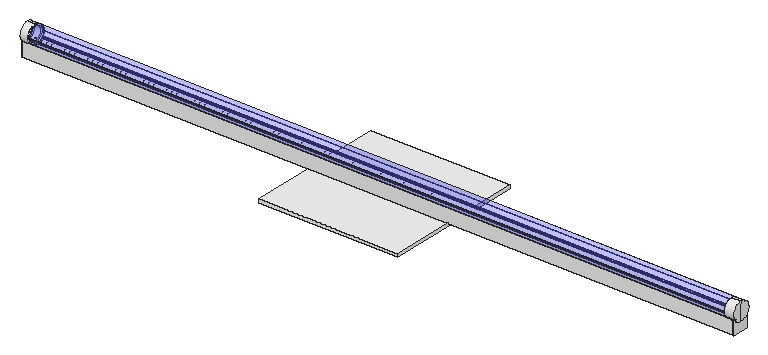
Revit family "BE_50144.1_de_DE", category Leuchten, Revit 2020
Family settings
  Basisbauteil = Fläche
  Bemaßung runder Anschluss = Durchmesser verwenden
  Teiletyp = Normal
  Beim Laden mit Abzugskörper schneiden = Ja
  Lichtquelle = Ja
  Gemeinsam genutzt = Nein
  Raumberechnungspunkt = Ja
Parameters (values of type "BEGA_50144.1_K4")
  built-in parameter 1150104 = 16.36 (stored number, unit not read)
  Wattage = 70.4 W
  Default Elevation = 0 mm
  built-in parameter 1150113 = 1 (stored number, unit not read)
  built-in parameter 1114218 = 1 (stored number, unit not read)
  Umgebungstemperatur = "25 °C"
  URL = "https://www.bega.com/de/produkt/50144.1"
  Typenkommentare = "© 2022 BEGA. Wir behalten uns das Recht vor, technische Änderungen ohne vorherige Ankündigung vorzunehmen."  # constant formula
  built-in parameter 1150134 = 12
  built-in parameter 1150109 = 1 (stored number, unit not read)
  Strom = ""
  built-in parameter 1150110 = 1 (stored number, unit not read)
  Spannung = 239.996 V
  Sonderanfertigung = no
  Seriennummer [instance] = "Hier können Sie die eindeutige Seriennummer für das Facility Management eintragen."
  Schutzklasse = "I"
  Schutzart = "IP 20"
  Scheinlast = 0 VA
  Produktdatenblatt = "https://cdn.bega.com/bega/products/50144.1K3/current/documents/data-sheets/de"
  Oberflächentemperatur = ""
  Neigungswinkel = 0.00°
  Modell = "50144.1K4"
  Material_17 = BEGA_Reflektor
  Material_15 = BEGA_Leuchtmedium_matt
  Material_14 = BEGA_Kunststoff_opal
  Material_11 = BEGA_Glas_opal
  Material_09 = BEGA_Glas_klar
  Material_06 = BEGA_Oberfläche_Edelstahl_gebürstet
  Material_05 = BEGA_Oberfläche_Aluminium Guss
  Material_03 = BEGA_Oberfläche_Weiss_matt
  Material_02 = BEGA_Oberfläche_Silber_matt
  Material_01 [instance] = BEGA_Oberfläche_Grafit_matt
  M_W = no
  M_G = no
  M_A = no
  Logo = 0
  built-in parameter 1114217 = 1 (stored number, unit not read)
  built-in parameter 1150139 = (empty or 0)
  built-in parameter 1150105 = 986.56 (stored number, unit not read)
  built-in parameter 1150114 = 1 (stored number, unit not read)
  Lumens = 12397.4 lm
  built-in parameter 1150115 = 1 (stored number, unit not read)
  Leuchtenlichtstrom = "9276 lm"
  Leuchtenanzahl = ""
  Lebensdauerkriterien = "L70B50 @ 25 °C = 159000 h"
  Lastklassifizierung = Beleuchtung
  built-in parameter 1150112 = 1 (stored number, unit not read)
  Lampenlichtstrom = "11320 lm"
  Lampe = "LED 70.4 W"
  LED_Modulbezeichnung = "8x LED-0694/940"
  Hersteller = "BEGA"  # constant formula
  Halbstreuwinkel = ""
  Gewicht = "4.9 kg"
  Gebrauchslageneinschränkung [instance] = ""
  Frequenz = "0/50-60 Hz"
  Farbwiedergabeindex = "CRI > 90"
  Farbtemperaturverschiebung bei Dämpfen der Lampe = <Keine Auswahl>
  Farbtemperatur = "4000 K"
  Color Filter = 16777215
  built-in parameter 1150133 = 10 (stored number, unit not read)
  Energieeffizienzklasse = "LED A++ - A"
  built-in parameter 1150137 = (empty or 0)
  built-in parameter 1150132 = (empty or 0)
  ENEC = "ja"
  Dimmbar [instance] = "DALI"
  Datei für fotometrisches Netz = "BE_50144.1K4.IES"
  CE_Konformität = "ja"
  Bestellnummer = "50144.1K4"
  Beschreibung_Sonderanfertigung = "Hier können Sie Informationen zur Sonderanfertigung eintragen."
  Beschreibung = "Decken- und Wandleuchte"
  built-in parameter 1150106 = 9.8656 (stored number, unit not read)
  Befestigungsbohrung = "Ø 6,5 mm"
  Befestigungsabstand = ""
  Ballwurfsicher = ""
  BEGA_Intern_aus = yes
  BEGA_Intern_an = yes
  BEGA_Intern_Konstruktion = yes
  BEGA_Intern = yes
  BEGA_IES = yes
  BEGA_Dummy = no
  Anschlussleitung = ""
  Anschlussleistung [instance] = "80 W"
  Anschlusskasten = ""
  built-in parameter 1150107 = 4000 (stored number, unit not read)
  built-in parameter 1150102 = (empty or 0)
  built-in parameter 1150138 = (empty or 0)
  Aktualisierung = "2022-05-18T04:00:07"
  Abstand_zur_angestrahlten_Fläche [instance] = ""
  AC/DC = "AC/DC"
Types (2, lengths in mm): name | built-in parameter 1150104 | built-in parameter 1150134 | Modell | built-in parameter 1150105 | Lumens | Leuchtenlichtstrom | Lampenlichtstrom | LED_Modulbezeichnung | Farbtemperatur | Datei für fotometrisches Netz | Bestellnummer | built-in parameter 1150106 | built-in parameter 1150107
  BEGA_50144.1_K4 | 16.36 (stored number, unit not read) | 12 | "50144.1K4" | 986.56 (stored number, unit not read) | 12397.4 lm | "9276 lm" | "11320 lm" | "8x LED-0694/940" | "4000 K" | "BE_50144.1K4.IES" | "50144.1K4" | 9.8656 (stored number, unit not read) | 4000 (stored number, unit not read)
  BEGA_50144.1_K3 | 15.571 (stored number, unit not read) | (empty or 0) | "50144.1K3" | 938.94 (stored number, unit not read) | 11799 lm | "8981 lm" | "10960 lm" | "8x LED-0694/930" | "3000 K" | "BE_50144.1K3.IES" | "50144.1K3" | 9.3894 (stored number, unit not read) | 3000 (stored number, unit not read)
Reference planes
  plane 1 "Mitte (Vorne/Hinten)": y = 0
  plane 2: z = 0
  plane 3 "Mitte (Links/Rechts)": x = 0
  plane 4 "Links": x = -1025
  plane 5 "Rechts": x = 1025
  plane 6 "Unten": y = -25.454
  plane 7 "Oben": y = 25.454
  plane 8 "Vorne": z = 79.5
  plane 9 "Hinten": z = 0
Forms (mm)
  Extrusion 1, solid, material "BEGA_Platte_Weiss"
    sketch origin (0, -1119.2, 0) x (1, 0, 0) y (0, 1, 0)
      loop
        line (-200, 1319.2) -> (-200, 919.2) -> (200, 919.2) -> (200, 1319.2) -> (-200, 1319.2)
    from 0 to -10
  Extrusion 2, solid, material "BEGA_Dummy_matt", visible <- "BEGA_Dummy"
    sketch origin (80.095, -76.023, 0) x (1, 0, 0) y (0, 1, 0)
      loop
        line (-1105.095, 101.477) -> (-1105.095, 50.569) -> (944.905, 50.569) -> (944.905, 101.477) -> (-1105.095, 101.477)
    from 0 to 79.5
Dimensions and locks
  plane 1 "Mitte (Vorne/Hinten)" to Extrusion 1 = 200 mm
  aligned and locked: plane 2 to Extrusion 1
  aligned and locked: level to Extrusion 1
Nested families
  nested 1: "BE_50144.1" at (0, 0, 0), type "BE_50144.1"
Connectors
  electrical at (0, 0, 0), driven by "Lastklassifizierung", driven by "Spannung", driven by "Scheinlast"
    settings: index 1, voltage 239.996 V, apparent load 0 VA, apparent load phase1 0 VA, apparent load phase2 0 VA, apparent load phase3 0 VA, power factor 1, load classification "Beleuchtung", number of poles 1, system type 31, power factor state 1, is connector primary yes, connector utility no, sub classification motor no, connector description ""
Definition of nested family "BE_50144.1"
  Parameters (values of type "BE_50144.1")
    Default Elevation = 1 mm
    URL = "http://www.bega.de/de/produkt"
    Type Comments = "© 2015 BEGA. Wir behalten uns das Recht vor, technische Änderungen ohne vorherige Ankündigung vorzunehmen. "  # constant formula
    Type Image = (empty or 0)
    Neigungswinkel_um_Z2 = 0.00°
    Neigungswinkel_um_Z1 = 0.00°
    Neigungswinkel_um_Y2 = 0.00°
    Neigungswinkel_um_Y1 = 0.00°
    Neigungswinkel_um_X2 = 0.00°
    Neigungswinkel_um_X1 = 0.00°
    Material_17 = none
    Material_15 = none
    Material_14 = none
    Material_11 = none
    Material_09 = none
    Material_06 = none
    Material_05 = none
    Material_03 = none
    Material_02 = none
    Material_01 = none
    M_W = yes
    M_G = yes
    M_A = yes
    Länge_Platte = 2200 mm  # constant formula
    Höhe_Platte = -10 mm  # constant formula
    Manufacturer = "BEGA"  # constant formula
    Drehwinkel_um_Z2 = 0.00°
    Drehwinkel_um_Z1 = 0.00°
    Breite_Platte = 200 mm  # constant formula
  Reference planes
    plane 1 "Mitte (Oben/Unten)": y = 0
    plane 2: z = 0
    plane 3 "Mitte (Links/Rechts)": x = 0
    plane 4: y = -25.454
    plane 5: z = 79.5
    plane 6: y = 25.454
    plane 7: x = -1025
    plane 8: x = 1025
  Forms (mm)
    Extrusion 1, solid, detail levels medium
      sketch origin (0, 0, 0) x (1, 0, 0) y (0, 1, 0)
        loop
          line (-1100, 100) -> (-1100, -100) -> (1100, -100) -> (1100, 100) -> (-1100, 100)
      from 0 to -10 <- "Höhe_Platte"
    Extrusion 2, solid, material <- "Material_03", detail levels medium+fine
      sketch origin (0, 0, 0) x (0, 1, 0) y (0, 0, 1)
        loop
          line (-22.75, 0) -> (-16, 0) -> (-16, 2) -> (-20.75, 2) -> (-20.75, 28.454)
          arc (-20.75, 28.454) -> (-20.25, 29.32) -> (-19.25, 29.32) r 1
          line (-19.25, 29.32) -> (-13.5, 26) -> (-7.983, 26) -> (-7.983, 28.588) -> (-20, 35.526) -> (-20.266, 38.57)
          arc (-20.266, 38.57) -> (-20.71, 39.168) -> (-21.136, 39.78) r 25.5
          arc (-21.136, 39.78) -> (-21.502, 39.998) -> (-21.942, 39.865) r 0.5
          line (-21.942, 39.865) -> (-22.75, 38.996) -> (-22.75, 0)
        loop
          line (22.75, 0) -> (22.75, 38.996) -> (21.942, 39.865)
          arc (21.942, 39.865) -> (21.502, 39.998) -> (21.136, 39.78) r 0.5
          arc (21.136, 39.78) -> (20.71, 39.168) -> (20.266, 38.57) r 25.5
          line (20.266, 38.57) -> (20, 35.526) -> (7.983, 28.588) -> (7.983, 26) -> (13.5, 26) -> (19.25, 29.32)
          arc (19.25, 29.32) -> (20.25, 29.32) -> (20.75, 28.454) r 1
          line (20.75, 28.454) -> (20.75, 2) -> (16, 2) -> (16, 0) -> (22.75, 0)
      from -1021.8 to 1020.2
    Extrusion 3, solid, material <- "Material_03", detail levels medium+fine
      sketch origin (0, 0, 0) x (0, 1, 0) y (0, 0, 1)
        loop
          arc (-21.135, 39.779) -> (-21.511, 39.998) -> (-21.916, 39.84) r 0.5
          line (-21.916, 39.84) -> (-22.75, 38.996) -> (-22.75, 0) -> (22.75, 0) -> (22.75, 38.996) -> (21.942, 39.865)
          arc (21.942, 39.865) -> (21.511, 39.998) -> (21.135, 39.779) r 0.5
          arc (21.135, 39.779) -> (0, 28.546) -> (-21.135, 39.779) r 25.5
      from -1023.8 to -1021.8
    Extrusion 4, solid, material <- "Material_03", detail levels medium+fine
      sketch origin (1294, 0, 0) x (0, 1, 0) y (0, 0, 1)
        loop
          arc (-21.135, 39.779) -> (-21.511, 39.998) -> (-21.916, 39.84) r 0.5
          line (-21.916, 39.84) -> (-22.75, 38.996) -> (-22.75, 0) -> (22.75, 0) -> (22.75, 38.996) -> (21.942, 39.865)
          arc (21.942, 39.865) -> (21.511, 39.998) -> (21.135, 39.779) r 0.5
          arc (21.135, 39.779) -> (0, 28.546) -> (-21.135, 39.779) r 25.5
      from -273.8 to -271.8
    Extrusion 5, solid, material <- "Material_05", detail levels medium+fine
      sketch origin (250, 0, 0) x (1, 0, 0) y (0, 1, 0)
        loop
          line (672.7, -17.315) -> (700.2, -17.315) -> (700.2, 17.129) -> (672.7, 17.129) -> (672.7, -17.315)
        loop
          line (-264.8, -17.315) -> (-237.3, -17.315) -> (-237.3, 17.129) -> (-264.8, 17.129) -> (-264.8, -17.315)
        loop
          line (-1202.3, -17.315) -> (-1174.8, -17.315) -> (-1174.8, 17.129) -> (-1202.3, 17.129) -> (-1202.3, -17.315)
      from 2 to 4.6
    Extrusion 6, void
      sketch origin (250, 0, 0) x (1, 0, 0) y (0, 1, 0)
        loop
          arc (-1185.05, 3) -> (-1188.3, 6.25) -> (-1191.55, 3) r 3.25
          line (-1191.55, 3) -> (-1191.55, -3)
          arc (-1191.55, -3) -> (-1188.3, -6.25) -> (-1185.05, -3) r 3.25
          line (-1185.05, -3) -> (-1185.05, 3)
        loop
          arc (689.7, -3.25) -> (692.95, 0) -> (689.7, 3.25) r 3.25
          line (689.7, 3.25) -> (683.7, 3.25)
          arc (683.7, 3.25) -> (680.45, 0) -> (683.7, -3.25) r 3.25
          line (683.7, -3.25) -> (689.7, -3.25)
        loop
          arc (-248.05, -3.25) -> (-244.8, 0) -> (-248.05, 3.25) r 3.25
          line (-248.05, 3.25) -> (-254.05, 3.25)
          arc (-254.05, 3.25) -> (-257.3, 0) -> (-254.05, -3.25) r 3.25
          line (-254.05, -3.25) -> (-248.05, -3.25)
      from 0 to 4.6
    Revolve 7, solid, material <- "Material_03", detail levels medium+fine
      sketch origin (-250, 0, 0) x (1, 0, 0) y (0, 0, 1)
        loop
          line (-775, 79.5) -> (-775, 54) -> (-767.5, 54) -> (-767.5, 59.1) -> (-773, 62.275) -> (-773, 74.541) -> (-753.595, 74.88) -> (-753.595, 78.421) -> (-748, 78.518) -> (-748, 79.5) -> (-775, 79.5)
        axis (-748, 54) -> (-775, 54)
      angle from 0 to 360
    Extrusion 8, solid, material <- "Material_14", detail levels medium+fine
      sketch origin (0, 0, 0) x (0, 1, 0) y (0, 0, 1)
        loop
          circle (0, 54.046) r 25.454
      from -998 to 998
    Revolve 9, void
      sketch origin (-250, 0, 0) x (1, 0, 0) y (0, 0, 1)
        loop
          line (-776.036, 58) -> (-776.036, 54) -> (-769.464, 54) -> (-769.464, 58) -> (-776.036, 58)
        axis (-769.464, 54) -> (-776.036, 54)
      angle from 0 to 360
    Revolve 10, solid, material <- "Material_06", detail levels fine
      sketch origin (-250, 0, 0) x (1, 0, 0) y (0, 0, 1)
        loop
          line (-774.464, 57.5) -> (-774.464, 54) -> (-769.464, 54) -> (-769.464, 57.5) -> (-774.464, 57.5)
        axis (-769.464, 54) -> (-774.464, 54)
      angle from 0 to 360
    Revolve 11, solid, material <- "Material_03", detail levels medium+fine
      sketch origin (250, 0, 0) x (-1, 0, 0) y (0, 0, 1)
        loop
          line (-775, 79.5) -> (-775, 54) -> (-767.5, 54) -> (-767.5, 59.1) -> (-773, 62.275) -> (-773, 74.541) -> (-753.595, 74.88) -> (-753.595, 78.421) -> (-748, 78.518) -> (-748, 79.5) -> (-775, 79.5)
        axis (-748, 54) -> (-775, 54)
      angle from 0 to 360
  Cuts and joins
    joined: Extrusion 3, Extrusion 4
    Extrusion 6 cuts Extrusion 5
    Revolve 9 cuts Revolve 7
    joined: Revolve 7, Revolve 11
  Dimensions and locks
    equal spacing: Extrusion 1 sketch curve, plane 3 "Mitte (Links/Rechts)", Extrusion 1 sketch curve
    equal spacing: Extrusion 1 sketch curve, plane 1 "Mitte (Oben/Unten)", Extrusion 1 sketch curve
    "Länge_Platte": Extrusion 1 sketch curve to Extrusion 1 sketch curve
    "Breite_Platte": Extrusion 1 sketch curve to Extrusion 1 sketch curve
    aligned and locked: Extrusion 1 to plane 2
    aligned and locked: level to Extrusion 1
  Automatic sketch dimensions
    Extrusion 2 sketch curve to level = 0 mm  (x2)
    plane 4 to Extrusion 2 sketch curve = 2.704 mm
    Extrusion 2 sketch curve to Extrusion 2 sketch curve = 1.2 mm  (x2)
    plane 4 to Extrusion 2 sketch curve = 4.704 mm
    Extrusion 2 sketch curve to Extrusion 2 sketch curve = 1.284 mm  (x2)
    Extrusion 2 sketch curve to Extrusion 2 sketch curve = 0.266 mm  (x2)
    Extrusion 2 sketch curve to Extrusion 2 sketch curve = 1 mm
    Extrusion 2 sketch curve to Extrusion 2 sketch curve = 4.75 mm
    Extrusion 2 sketch curve to Extrusion 2 sketch curve = 6.25 mm
    Extrusion 2 sketch curve to Extrusion 2 sketch curve = 5.517 mm  (x2)
    plane 1 "Mitte (Oben/Unten)" to Extrusion 2 sketch curve = 0 mm
    Extrusion 2 sketch curve to plane 1 "Mitte (Oben/Unten)" = 0 mm
    Extrusion 2 sketch curve to plane 1 "Mitte (Oben/Unten)" = 7.983 mm
    level to Extrusion 2 sketch curve = 2 mm  (x2)
    plane 6 to Extrusion 2 sketch curve = 9.454 mm
    plane 6 to Extrusion 2 sketch curve = 5.704 mm
    plane 6 to Extrusion 2 sketch curve = 5.454 mm
    plane 6 to Extrusion 2 sketch curve = 4.704 mm
    Extrusion 2 sketch curve to Extrusion 2 sketch curve = 24 mm
    Extrusion 2 sketch curve to Extrusion 2 sketch curve = 0 mm  (x8)
    Extrusion 2 sketch curve to Extrusion 2 sketch curve = 2.454 mm  (x2)
    Extrusion 2 sketch curve to Extrusion 2 sketch curve = 2.588 mm  (x2)
    Extrusion 2 sketch curve to Extrusion 2 sketch curve = 7.073 mm  (x2)
    Extrusion 2 sketch curve to Extrusion 2 sketch curve = 3.043 mm  (x2)
    Extrusion 2 sketch curve to Extrusion 2 sketch curve = 0.426 mm  (x2)
    Extrusion 2 sketch curve to Extrusion 2 sketch curve = 0.504 mm  (x2)
    plane 5 to Extrusion 2 sketch curve = 25.454 mm
    Extrusion 2 sketch curve to Extrusion 2 sketch curve = 0.392 mm
    Extrusion 2 sketch curve to Extrusion 2 sketch curve = 0.039 mm  (x2)
    Extrusion 2 sketch curve to Extrusion 2 sketch curve = 0.5 mm  (x2)
    Extrusion 2 sketch curve to Extrusion 2 sketch curve = 0.354 mm
    Extrusion 2 sketch curve to Extrusion 2 sketch curve = 0.011 mm  (x2)
    Extrusion 3 sketch curve to level = 0 mm
    Extrusion 3 sketch curve to plane 1 "Mitte (Oben/Unten)" = 0 mm
    plane 4 to Extrusion 3 sketch curve = 3.905 mm
    Extrusion 3 sketch curve to Extrusion 3 sketch curve = 1.2 mm
    plane 6 to Extrusion 3 sketch curve = 3.905 mm
    plane 6 to Extrusion 3 sketch curve = 2.704 mm
    Extrusion 3 sketch curve to Extrusion 3 sketch curve = 38.996 mm  (x2)
    Extrusion 3 sketch curve to Extrusion 3 sketch curve = 0.504 mm  (x2)
    plane 5 to Extrusion 3 sketch curve = 25.454 mm
    Extrusion 3 sketch curve to Extrusion 3 sketch curve = 0.414 mm  (x2)
    Extrusion 3 sketch curve to Extrusion 3 sketch curve = 0 mm  (x3)
    Extrusion 3 sketch curve to Extrusion 3 sketch curve = 0.366 mm  (x2)
    Extrusion 3 sketch curve to Extrusion 3 sketch curve = 0.026 mm  (x2)
    Extrusion 3 sketch curve to Extrusion 3 sketch curve = 0.28 mm  (x2)
    Extrusion 3 sketch curve to Extrusion 3 sketch curve = 0.025 mm  (x2)
    Extrusion 4 sketch curve to level = 0 mm
    Extrusion 4 sketch curve to plane 1 "Mitte (Oben/Unten)" = 0 mm
    plane 4 to Extrusion 4 sketch curve = 3.905 mm
    Extrusion 4 sketch curve to Extrusion 4 sketch curve = 1.2 mm
    plane 6 to Extrusion 4 sketch curve = 3.905 mm
    plane 6 to Extrusion 4 sketch curve = 2.704 mm
    Extrusion 4 sketch curve to Extrusion 4 sketch curve = 38.996 mm  (x2)
    Extrusion 4 sketch curve to Extrusion 4 sketch curve = 0.504 mm  (x2)
    plane 5 to Extrusion 4 sketch curve = 25.454 mm
    Extrusion 4 sketch curve to Extrusion 4 sketch curve = 0.414 mm  (x2)
    Extrusion 4 sketch curve to Extrusion 4 sketch curve = 0 mm  (x3)
    Extrusion 4 sketch curve to Extrusion 4 sketch curve = 0.366 mm  (x2)
    Extrusion 4 sketch curve to Extrusion 4 sketch curve = 0.026 mm  (x2)
    Extrusion 4 sketch curve to Extrusion 4 sketch curve = 0.28 mm  (x2)
    Extrusion 4 sketch curve to Extrusion 4 sketch curve = 0.025 mm  (x2)
    Revolve 7 sketch curve to plane 5 = 0 mm
    plane 5 to Revolve 7 sketch curve = 25.5 mm
    Revolve 7 sketch curve to Revolve 7 sketch curve = 2 mm
    plane 5 to Revolve 7 sketch curve = 20.4 mm
    Revolve 7 sketch curve to Revolve 7 sketch curve = 5.5 mm
    plane 5 to Revolve 7 sketch curve = 4.62 mm
    Revolve 7 sketch curve to Revolve 7 sketch curve = 19.405 mm
    plane 5 to Revolve 7 sketch curve = 0.982 mm
    Revolve 7 sketch curve to Revolve 7 sketch curve = 5.595 mm
    Revolve 7 sketch curve to Revolve 7 sketch curve = 3.175 mm
    plane 5 to Revolve 7 sketch curve = 4.959 mm
    plane 5 to Revolve 7 sketch curve = 1.079 mm
    Revolve 7 sketch curve to Revolve 7 sketch curve = 3.314 mm
    Revolve 7 sketch curve to Revolve 7 sketch curve = 0 mm  (x2)
    Extrusion 8 sketch curve to plane 1 "Mitte (Oben/Unten)" = 0 mm
    plane 5 to Extrusion 8 sketch curve = 25.454 mm
    plane 5 to Revolve 9 sketch curve = 25.5 mm
    Revolve 9 sketch curve to Revolve 9 sketch curve = 6.572 mm
    Revolve 9 sketch curve to Revolve 9 sketch curve = 4 mm
    Revolve 9 sketch curve to Revolve 9 sketch curve = 0.632 mm
    Revolve 9 sketch curve to Revolve 9 sketch curve = 0.5 mm
    Revolve 9 sketch curve to Revolve 9 sketch curve = 0 mm
    plane 5 to Revolve 10 sketch curve = 22 mm
    Revolve 10 sketch curve to Revolve 10 sketch curve = 5 mm
    Revolve 10 sketch curve to Revolve 10 sketch curve = 3.5 mm
    Revolve 10 sketch curve to Revolve 10 sketch curve = 0 mm  (x3)
    Revolve 11 sketch curve to plane 5 = 0 mm
    Revolve 11 sketch curve to plane 5 = 25.5 mm
    Revolve 11 sketch curve to Revolve 11 sketch curve = 2 mm
    Revolve 11 sketch curve to plane 5 = 20.4 mm
    Revolve 11 sketch curve to Revolve 11 sketch curve = 5.5 mm
    Revolve 11 sketch curve to plane 5 = 4.62 mm
    Revolve 11 sketch curve to Revolve 11 sketch curve = 19.405 mm
    Revolve 11 sketch curve to plane 5 = 0.982 mm
    Revolve 11 sketch curve to Revolve 11 sketch curve = 5.595 mm
    Revolve 11 sketch curve to Revolve 11 sketch curve = 3.175 mm
    Revolve 11 sketch curve to plane 5 = 4.959 mm
    Revolve 11 sketch curve to plane 5 = 1.079 mm
    Revolve 11 sketch curve to Revolve 11 sketch curve = 3.314 mm
    Revolve 11 sketch curve to Revolve 11 sketch curve = 0 mm  (x2)
    plane 4 to Extrusion 5 sketch curve = 8.14 mm  (x3)
    plane 6 to Extrusion 5 sketch curve = 8.325 mm  (x3)
    Extrusion 5 sketch curve to Extrusion 5 sketch curve = 27.5 mm  (x3)
    Extrusion 5 sketch curve to plane 3 "Mitte (Links/Rechts)" = 14.8 mm
    plane 1 "Mitte (Oben/Unten)" to Extrusion 6 sketch curve = 0 mm  (x2)
    Extrusion 6 sketch curve to plane 1 "Mitte (Oben/Unten)" = 3 mm
    Extrusion 6 sketch curve to Extrusion 6 sketch curve = 3.25 mm
    Extrusion 6 sketch curve to plane 1 "Mitte (Oben/Unten)" = 3.25 mm  (x2)
    Extrusion 6 sketch curve to plane 3 "Mitte (Links/Rechts)" = 4.05 mm
    Extrusion 6 sketch curve to Extrusion 6 sketch curve = 6 mm  (x2)
    plane 1 "Mitte (Oben/Unten)" to Extrusion 6 sketch curve = 3 mm
    Extrusion 5 sketch curve to Extrusion 5 sketch curve = 910 mm  (x2)
    Extrusion 6 sketch curve to Extrusion 6 sketch curve = 931 mm
    Revolve 7 sketch curve to plane 3 "Mitte (Links/Rechts)" = 1025 mm
    Revolve 9 sketch curve to plane 3 "Mitte (Links/Rechts)" = 1026.036 mm
    Revolve 10 sketch curve to plane 3 "Mitte (Links/Rechts)" = 1024.464 mm
    Extrusion 6 sketch curve to Extrusion 6 sketch curve = 931.75 mm
    Revolve 11 sketch curve to plane 3 "Mitte (Links/Rechts)" = 1025 mm
    radius of Extrusion 8 sketch curve = 25.454 mm
